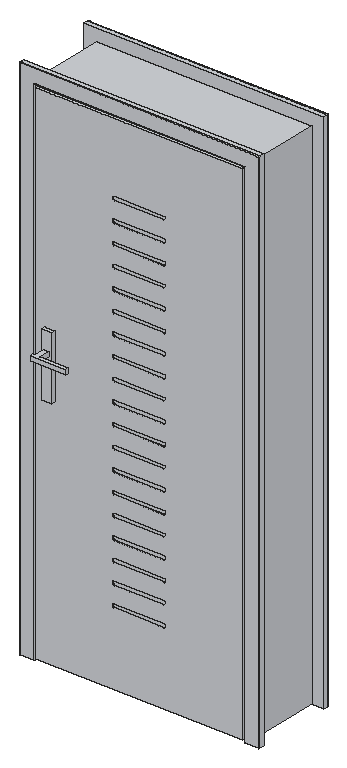
Revit family "PortaFOCUSbp_1B", category Drzwi, Revit 2016
Family settings
  Obiekt nadrzędny = Ściana
  Zawsze pionowo = Tak
  Tnij formami wycięć po wczytaniu = Nie
  Współdzielony = Nie
  Punkt obliczania pomieszczeń = Nie
Parameters (values of type "PN 80")
  Zakres szerokości muru [instance] = if(and(Szerokość ściany > 94 mm, Szerokość ściany < 120 mm), "B", (if(and(Szerokość ściany > 119 mm, Szerokość ściany < 140 mm), "C", (if(and(Szerokość ściany > 139 mm, Szerokość ściany < 160 mm), "D", (if(and(Szerokość ściany > 159 mm, Szerokość ściany < 180 mm), "E", (if(and(Szerokość ściany > 179 mm, Szerokość ściany < 200 mm), "F", (if(and(Szerokość ściany > 199 mm, Szerokość ściany < 220 mm), "G", (if(and(Szerokość ściany > 219 mm, Szerokość ściany < 240 mm), "H", (if(and(Szerokość ściany > 239 mm, Szerokość ściany < 260 mm), "I", (if(and(Szerokość ściany > 259 mm, Szerokość ściany < 280 mm), "J", (if(and(Szerokość ściany > 279 mm, Szerokość ściany < 301 mm), "K", "BRAK")))))))))))))))))))  # "K"
  Wysokość brutto = 2060 mm
  Szerokość ściany [instance] = 300 mm
  Szerokość brutto = 880 mm
  Model = "Porta Focus 1B"
  Konstrukcja analityczna = "<Brak>"
  Funkcja = Wewnętrzna
  URL = "www.porta.com.pl"
  Ss = 818 mm
  Sb = 846 mm
  Producent = "PORTA KMI POLAND"
  Keynote = ""
  Opis = "Własność Porta KMI Poland, wszelkie prawa zastrzeżone."  # constant formula
  Wysokość = 2016 mm
  Zakończenie ściany = Wg obiektu nadrzędnego
  Szerokość = 800 mm
  Materiał_skrzydło [instance] = none
  Materiał_ościeżnica [instance] = none
  Materiał_klamka [instance] = none
  Hs = 2017 mm
Types (5, lengths in mm): name | Szerokość brutto | Ss | Sb | Szerokość
  PN 70 | 780 | 718 | 746 | 700
  PN 60 | 680 | 618 | 646 | 600
  PN 80 | 880 | 818 | 846 | 800
  PN 90 | 980 | 918 | 946 | 900
  PN 100 | 1080 | 1018 | 1046 | 1000
Reference planes
  plane 1: y = 0
  plane 2 "Środek (Lewa/Prawa)": x = 0
  plane 3 "Lewy": x = -440
  plane 4 "Prawy": x = 440
  plane 5: z = 2060
  plane 6 "Zewnętrzna": y = 150
  plane 7 "Wewnętrzna": y = -150
  plane 8 "skrzydło": y = -129
Forms (mm)
  Sweep 1, solid, material <- "Materiał_ościeżnica"
    path in 3D
      loop
        line (-440, -150, 0) -> (-440, -150, 2060) -> (440, -150, 2060) -> (440, -150, 0)
    profile origin (-440, -150, 1030) x (0, -1, 0) y (1, 0, 0)
      loop
        line (-24, 39) -> (-72, 39) -> (-72, 17) -> (0, 17) -> (0, -33) -> (16, -33)
        arc (16, -33) -> (18.121, -32.121) -> (19, -30) r 3
        line (19, -30) -> (19, 24)
        arc (19, 24) -> (18.121, 26.121) -> (16, 27) r 3
        line (16, 27) -> (-24, 27) -> (-24, 39)
  Sweep 2, solid, material <- "Materiał_ościeżnica"
    path in 3D
      loop
        line (440, 150, 0) -> (440, 150, 2060) -> (-440, 150, 2060) -> (-440, 150, 0)
    profile origin (-440, 150, 1030) x (1, 0, 0) y (0, 1, 0)
      loop
        line (-33, 0) -> (17, 0) -> (17, -228) -> (39, -228) -> (39, -1)
        arc (39, -1) -> (37.536, 2.536) -> (34, 4) r 5
        line (34, 4) -> (25, 4) -> (25, 16)
        arc (25, 16) -> (24.121, 18.121) -> (22, 19) r 3
        line (22, 19) -> (-30, 19)
        arc (-30, 19) -> (-32.121, 18.121) -> (-33, 16) r 3
        line (-33, 16) -> (-33, 0)
  Sweep 3, solid, not visible
    path in 3D
      loop
        line (-440, -150, 0) -> (-440, -150, 2060)
    profile origin (-440, -150, 1030) x (0, -1, 0) y (1, 0, 0)
      loop
        line (-151, 17) -> (-149, 17) -> (-149, 19) -> (-151, 19) -> (-151, 17)
Cuts and joins
  joined: Sweep 1, Sweep 2
Lines and regions (mm)
  Opening 1
    outline origin (-3050, -150, 0) x (1, 0, 0) y (0, 0, 1)
      loop
        line (2610, 0) -> (3490, 0) -> (3490, 2060) -> (2610, 2060) -> (2610, 0)
  sketch lines
    curve 1: line (-440, -150, 0) -> (-440, -150, 2060)
    curve 2: line (-440, -150, 2060) -> (440, -150, 2060)
    curve 3: line (440, -150, 2060) -> (440, -150, 0)
    curve 4: line (-440, 150, 2060) -> (-440, 150, 0)
    curve 5: line (440, 150, 2060) -> (-440, 150, 2060)
    curve 6: line (440, 150, 0) -> (440, 150, 2060)
    curve 12: line (-440, -150, 0) -> (-440, -150, 2060)
  symbolic lines, style "DoorsPanelProjection"
    curve 7: line (409, -150, 0) -> (409, -968, 0)
    curve 8: line (409, -968, 0) -> (369, -968, 0)
    curve 9: line (369, -968, 0) -> (369, -150, 0)
    curve 10: line (369, -150, 0) -> (409, -150, 0)
  symbolic lines, style "Ugięcie rzutu"
    curve 11: arc (-409, -150, 0) -> (-169.413, -728.413, 0) -> (409, -968, 0) r 818
Text (mm)
  text "Zewnętrzna" at (-2295.016, 1099.543, 0), in view "Poziom odniesienia"
  text "Zewnętrzna" at (0, 1615.38, 3698.081), in view "Lewy"
  text "Zewnętrzna" at (0, 1036.032, 3874.932), in view "Prawy"
Dimensions and locks
  equal spacing: plane 3 "Lewy", plane 2 "Środek (Lewa/Prawa)", plane 4 "Prawy"
  "Szerokość brutto": plane 3 "Lewy" to plane 4 "Prawy"
  "Wysokość brutto": plane 5 to host wall
  host wall to plane 5 = 2060 mm  (x2)
  locked: plane 6 "Zewnętrzna" to host wall at 0
  locked: plane 7 "Wewnętrzna" to host wall
  "Sb": Sweep 1 to Sweep 1
  locked: Sweep 1 sketch curve to Sweep 1 sketch curve at 22
  Sweep 1 sketch curve to Sweep 1 sketch curve = 50 mm
  locked: Sweep 1 sketch curve to profile plane at 72
  locked: Sweep 2 sketch curve to Sweep 2 sketch curve at 50
  locked: Sweep 2 sketch curve to Sweep 2 sketch curve at 22
  locked: Sweep 2 sketch curve to plane 6 "Zewnętrzna" at 1
  locked: curve 9 to curve 7 at 40
  "Ss": curve 8 to curve 10
  equal spacing: curve 11, plane 2 "Środek (Lewa/Prawa)", curve 7
  locked: plane 7 "Wewnętrzna" to plane 8 "skrzydło" at 21
  locked: host wall to Sweep 3 sketch curve at 1
  locked: Sweep 3 sketch curve to host wall at 1
  locked: Sweep 3 sketch curve to plane 6 "Zewnętrzna" at 151
  locked: plane 7 "Wewnętrzna" to Sweep 3 sketch curve at 151
  nested 1 to plane 2 "Środek (Lewa/Prawa)" to nested 1 = 409 mm, 409 mm
  locked: nested 1 to level at 8
  "Szerokość ściany": host wall to host wall
  aligned and locked: plane 3 "Lewy" to Opening 1 sketch curve
  aligned and locked: plane 5 to Opening 1 sketch curve  (x2)
  aligned and locked: Opening 1 sketch curve to plane 4 "Prawy"
  aligned and locked: Opening 1 sketch curve to level
  aligned and locked: plane 1 to host wall
  aligned and locked: Sweep 1 to Sweep 2 sketch curve
  aligned and locked: plane 7 "Wewnętrzna" to curve 10
  aligned and locked: Sweep 3 sketch curve to cut or joined group of Sweep 1, Sweep 2
  aligned and locked: Sweep 2 sketch curve to cut or joined group of Sweep 1, Sweep 2
  aligned and locked: nested 1 to plane 8 "skrzydło"
  aligned and locked: plane 2 "Środek (Lewa/Prawa)" to nested 1
Automatic sketch dimensions
  profile plane to Sweep 1 sketch curve = 24 mm
  Sweep 1 sketch curve to profile plane = 16 mm  (x2)
  Sweep 1 sketch curve to Sweep 1 sketch curve = 3 mm
  profile plane to Sweep 1 sketch curve = 17 mm
  Sweep 1 sketch curve to Sweep 1 sketch curve = 7 mm
  Sweep 1 sketch curve to profile plane = 0 mm
  Sweep 2 sketch curve to profile plane = 0 mm
  Sweep 2 sketch curve to profile plane = 16 mm
  Sweep 2 sketch curve to Sweep 2 sketch curve = 3 mm
  Sweep 2 sketch curve to Sweep 2 sketch curve = 5 mm
  Sweep 2 sketch curve to profile plane = 4 mm
  Sweep 2 sketch curve to Sweep 2 sketch curve = 8 mm
  curve 11 to host wall = 0 mm
  Sweep 3 sketch curve to Sweep 3 sketch curve = 2 mm
Nested families
  nested 1: "skrzydło" at (0, -135.5, 0), Materiał_klamka <- "Materiał_klamka", Materiał_skrzydło <- "Materiał_skrzydło", type "skrzydło"
    with Materiał_skrzydło none, Materiał_klamka none
Definition of nested family "skrzydło"
  Parameters
    Ss = 818 mm
    Materiał_skrzydło [instance] = none
    Materiał_klamka [instance] = none
    Hs = 2017 mm
  Reference planes
    plane 1 "Tył": y = 6.5
    plane 2: z = 0
    plane 3 "Środek (Lewa/Prawa)": x = 0
    plane 4 "Przód": y = -33.5
    plane 5: z = 2025
    plane 6 "Centrum": y = -13.5
    plane 7: z = 8
    plane 8: x = -409
    plane 9: x = 409
  Forms (mm)
    Extrusion 1, solid, material <- "Materiał_skrzydło"
      sketch origin (-1191.728, -1524, 8) x (-1, 0, 0) y (0, -1, 0)
        loop
          line (-1600.728, -1490.5) -> (-1600.728, -1530.5) -> (-782.728, -1530.5) -> (-782.728, -1490.5) -> (-1600.728, -1490.5)
      from 0 to 2017
    Extrusion 2, void
      sketch origin (-2050.117, -33.5, 1200) x (1, 0, 0) y (0, 0, 1)
        loop
          arc (2147.317, 534.7) -> (2155.617, 543) -> (2147.317, 551.3) r 8.3
          line (2147.317, 551.3) -> (1952.917, 551.3)
          arc (1952.917, 551.3) -> (1944.617, 543) -> (1952.917, 534.7) r 8.3
          line (1952.917, 534.7) -> (2147.317, 534.7)
        loop
          arc (2147.317, 454.7) -> (2155.617, 463) -> (2147.317, 471.3) r 8.3
          line (2147.317, 471.3) -> (1952.917, 471.3)
          arc (1952.917, 471.3) -> (1944.617, 463) -> (1952.917, 454.7) r 8.3
          line (1952.917, 454.7) -> (2147.317, 454.7)
        loop
          arc (2147.317, 374.7) -> (2155.617, 383) -> (2147.317, 391.3) r 8.3
          line (2147.317, 391.3) -> (1952.917, 391.3)
          arc (1952.917, 391.3) -> (1944.617, 383) -> (1952.917, 374.7) r 8.3
          line (1952.917, 374.7) -> (2147.317, 374.7)
        loop
          arc (2147.317, 294.7) -> (2155.617, 303) -> (2147.317, 311.3) r 8.3
          line (2147.317, 311.3) -> (1952.917, 311.3)
          arc (1952.917, 311.3) -> (1944.617, 303) -> (1952.917, 294.7) r 8.3
          line (1952.917, 294.7) -> (2147.317, 294.7)
        loop
          arc (2147.317, 214.7) -> (2155.617, 223) -> (2147.317, 231.3) r 8.3
          line (2147.317, 231.3) -> (1952.917, 231.3)
          arc (1952.917, 231.3) -> (1944.617, 223) -> (1952.917, 214.7) r 8.3
          line (1952.917, 214.7) -> (2147.317, 214.7)
        loop
          arc (2147.317, 135.172) -> (2155.617, 143.472) -> (2147.317, 151.772) r 8.3
          line (2147.317, 151.772) -> (1952.917, 151.772)
          arc (1952.917, 151.772) -> (1944.617, 143.472) -> (1952.917, 135.172) r 8.3
          line (1952.917, 135.172) -> (2147.317, 135.172)
        loop
          arc (2147.317, -24.828) -> (2155.617, -16.528) -> (2147.317, -8.228) r 8.3
          line (2147.317, -8.228) -> (1952.917, -8.228)
          arc (1952.917, -8.228) -> (1944.617, -16.528) -> (1952.917, -24.828) r 8.3
          line (1952.917, -24.828) -> (2147.317, -24.828)
        loop
          arc (2147.317, -104.828) -> (2155.617, -96.528) -> (2147.317, -88.228) r 8.3
          line (2147.317, -88.228) -> (1952.917, -88.228)
          arc (1952.917, -88.228) -> (1944.617, -96.528) -> (1952.917, -104.828) r 8.3
          line (1952.917, -104.828) -> (2147.317, -104.828)
        loop
          arc (2147.317, -184.828) -> (2155.617, -176.528) -> (2147.317, -168.228) r 8.3
          line (2147.317, -168.228) -> (1952.917, -168.228)
          arc (1952.917, -168.228) -> (1944.617, -176.528) -> (1952.917, -184.828) r 8.3
          line (1952.917, -184.828) -> (2147.317, -184.828)
        loop
          arc (2147.317, -264.828) -> (2155.617, -256.528) -> (2147.317, -248.228) r 8.3
          line (2147.317, -248.228) -> (1952.917, -248.228)
          arc (1952.917, -248.228) -> (1944.617, -256.528) -> (1952.917, -264.828) r 8.3
          line (1952.917, -264.828) -> (2147.317, -264.828)
        loop
          arc (2147.317, 55.172) -> (2155.617, 63.472) -> (2147.317, 71.772) r 8.3
          line (2147.317, 71.772) -> (1952.917, 71.772)
          arc (1952.917, 71.772) -> (1944.617, 63.472) -> (1952.917, 55.172) r 8.3
          line (1952.917, 55.172) -> (2147.317, 55.172)
        loop
          arc (2147.317, -344.828) -> (2155.617, -336.528) -> (2147.317, -328.228) r 8.3
          line (2147.317, -328.228) -> (1952.917, -328.228)
          arc (1952.917, -328.228) -> (1944.617, -336.528) -> (1952.917, -344.828) r 8.3
          line (1952.917, -344.828) -> (2147.317, -344.828)
        loop
          arc (2147.317, -424.828) -> (2155.617, -416.528) -> (2147.317, -408.228) r 8.3
          line (2147.317, -408.228) -> (1952.917, -408.228)
          arc (1952.917, -408.228) -> (1944.617, -416.528) -> (1952.917, -424.828) r 8.3
          line (1952.917, -424.828) -> (2147.317, -424.828)
        loop
          arc (2147.317, -504.828) -> (2155.617, -496.528) -> (2147.317, -488.228) r 8.3
          line (2147.317, -488.228) -> (1952.917, -488.228)
          arc (1952.917, -488.228) -> (1944.617, -496.528) -> (1952.917, -504.828) r 8.3
          line (1952.917, -504.828) -> (2147.317, -504.828)
        loop
          arc (2147.317, -584.828) -> (2155.617, -576.528) -> (2147.317, -568.228) r 8.3
          line (2147.317, -568.228) -> (1952.917, -568.228)
          arc (1952.917, -568.228) -> (1944.617, -576.528) -> (1952.917, -584.828) r 8.3
          line (1952.917, -584.828) -> (2147.317, -584.828)
        loop
          arc (2147.317, -824.828) -> (2155.617, -816.528) -> (2147.317, -808.228) r 8.3
          line (2147.317, -808.228) -> (1952.917, -808.228)
          arc (1952.917, -808.228) -> (1944.617, -816.528) -> (1952.917, -824.828) r 8.3
          line (1952.917, -824.828) -> (2147.317, -824.828)
        loop
          arc (2147.317, -744.828) -> (2155.617, -736.528) -> (2147.317, -728.228) r 8.3
          line (2147.317, -728.228) -> (1952.917, -728.228)
          arc (1952.917, -728.228) -> (1944.617, -736.528) -> (1952.917, -744.828) r 8.3
          line (1952.917, -744.828) -> (2147.317, -744.828)
        loop
          arc (2147.317, -904.828) -> (2155.617, -896.528) -> (2147.317, -888.228) r 8.3
          line (2147.317, -888.228) -> (1952.917, -888.228)
          arc (1952.917, -888.228) -> (1944.617, -896.528) -> (1952.917, -904.828) r 8.3
          line (1952.917, -904.828) -> (2147.317, -904.828)
        loop
          arc (2147.317, -664.828) -> (2155.617, -656.528) -> (2147.317, -648.228) r 8.3
          line (2147.317, -648.228) -> (1952.917, -648.228)
          arc (1952.917, -648.228) -> (1944.617, -656.528) -> (1952.917, -664.828) r 8.3
          line (1952.917, -664.828) -> (2147.317, -664.828)
      from -1 to 10
    Extrusion 3, void
      sketch origin (-2050.117, 6.5, 1200) x (1, 0, 0) y (0, 0, -1)
        loop
          line (2147.317, -534.7) -> (1952.917, -534.7)
          arc (1952.917, -534.7) -> (1944.617, -543) -> (1952.917, -551.3) r 8.3
          line (1952.917, -551.3) -> (2147.317, -551.3)
          arc (2147.317, -551.3) -> (2155.617, -543) -> (2147.317, -534.7) r 8.3
        loop
          line (2147.317, -454.7) -> (1952.917, -454.7)
          arc (1952.917, -454.7) -> (1944.617, -463) -> (1952.917, -471.3) r 8.3
          line (1952.917, -471.3) -> (2147.317, -471.3)
          arc (2147.317, -471.3) -> (2155.617, -463) -> (2147.317, -454.7) r 8.3
        loop
          line (2147.317, -374.7) -> (1952.917, -374.7)
          arc (1952.917, -374.7) -> (1944.617, -383) -> (1952.917, -391.3) r 8.3
          line (1952.917, -391.3) -> (2147.317, -391.3)
          arc (2147.317, -391.3) -> (2155.617, -383) -> (2147.317, -374.7) r 8.3
        loop
          line (2147.317, -294.7) -> (1952.917, -294.7)
          arc (1952.917, -294.7) -> (1944.617, -303) -> (1952.917, -311.3) r 8.3
          line (1952.917, -311.3) -> (2147.317, -311.3)
          arc (2147.317, -311.3) -> (2155.617, -303) -> (2147.317, -294.7) r 8.3
        loop
          line (2147.317, -214.7) -> (1952.917, -214.7)
          arc (1952.917, -214.7) -> (1944.617, -223) -> (1952.917, -231.3) r 8.3
          line (1952.917, -231.3) -> (2147.317, -231.3)
          arc (2147.317, -231.3) -> (2155.617, -223) -> (2147.317, -214.7) r 8.3
        loop
          line (2147.317, -135.172) -> (1952.917, -135.172)
          arc (1952.917, -135.172) -> (1944.617, -143.472) -> (1952.917, -151.772) r 8.3
          line (1952.917, -151.772) -> (2147.317, -151.772)
          arc (2147.317, -151.772) -> (2155.617, -143.472) -> (2147.317, -135.172) r 8.3
        loop
          line (2147.317, 24.828) -> (1952.917, 24.828)
          arc (1952.917, 24.828) -> (1944.617, 16.528) -> (1952.917, 8.228) r 8.3
          line (1952.917, 8.228) -> (2147.317, 8.228)
          arc (2147.317, 8.228) -> (2155.617, 16.528) -> (2147.317, 24.828) r 8.3
        loop
          line (2147.317, 104.828) -> (1952.917, 104.828)
          arc (1952.917, 104.828) -> (1944.617, 96.528) -> (1952.917, 88.228) r 8.3
          line (1952.917, 88.228) -> (2147.317, 88.228)
          arc (2147.317, 88.228) -> (2155.617, 96.528) -> (2147.317, 104.828) r 8.3
        loop
          line (2147.317, 184.828) -> (1952.917, 184.828)
          arc (1952.917, 184.828) -> (1944.617, 176.528) -> (1952.917, 168.228) r 8.3
          line (1952.917, 168.228) -> (2147.317, 168.228)
          arc (2147.317, 168.228) -> (2155.617, 176.528) -> (2147.317, 184.828) r 8.3
        loop
          line (2147.317, 264.828) -> (1952.917, 264.828)
          arc (1952.917, 264.828) -> (1944.617, 256.528) -> (1952.917, 248.228) r 8.3
          line (1952.917, 248.228) -> (2147.317, 248.228)
          arc (2147.317, 248.228) -> (2155.617, 256.528) -> (2147.317, 264.828) r 8.3
        loop
          line (2147.317, -55.172) -> (1952.917, -55.172)
          arc (1952.917, -55.172) -> (1944.617, -63.472) -> (1952.917, -71.772) r 8.3
          line (1952.917, -71.772) -> (2147.317, -71.772)
          arc (2147.317, -71.772) -> (2155.617, -63.472) -> (2147.317, -55.172) r 8.3
        loop
          line (2147.317, 344.828) -> (1952.917, 344.828)
          arc (1952.917, 344.828) -> (1944.617, 336.528) -> (1952.917, 328.228) r 8.3
          line (1952.917, 328.228) -> (2147.317, 328.228)
          arc (2147.317, 328.228) -> (2155.617, 336.528) -> (2147.317, 344.828) r 8.3
        loop
          line (2147.317, 424.828) -> (1952.917, 424.828)
          arc (1952.917, 424.828) -> (1944.617, 416.528) -> (1952.917, 408.228) r 8.3
          line (1952.917, 408.228) -> (2147.317, 408.228)
          arc (2147.317, 408.228) -> (2155.617, 416.528) -> (2147.317, 424.828) r 8.3
        loop
          line (2147.317, 504.828) -> (1952.917, 504.828)
          arc (1952.917, 504.828) -> (1944.617, 496.528) -> (1952.917, 488.228) r 8.3
          line (1952.917, 488.228) -> (2147.317, 488.228)
          arc (2147.317, 488.228) -> (2155.617, 496.528) -> (2147.317, 504.828) r 8.3
        loop
          line (2147.317, 584.828) -> (1952.917, 584.828)
          arc (1952.917, 584.828) -> (1944.617, 576.528) -> (1952.917, 568.228) r 8.3
          line (1952.917, 568.228) -> (2147.317, 568.228)
          arc (2147.317, 568.228) -> (2155.617, 576.528) -> (2147.317, 584.828) r 8.3
        loop
          line (2147.317, 824.828) -> (1952.917, 824.828)
          arc (1952.917, 824.828) -> (1944.617, 816.528) -> (1952.917, 808.228) r 8.3
          line (1952.917, 808.228) -> (2147.317, 808.228)
          arc (2147.317, 808.228) -> (2155.617, 816.528) -> (2147.317, 824.828) r 8.3
        loop
          line (2147.317, 744.828) -> (1952.917, 744.828)
          arc (1952.917, 744.828) -> (1944.617, 736.528) -> (1952.917, 728.228) r 8.3
          line (1952.917, 728.228) -> (2147.317, 728.228)
          arc (2147.317, 728.228) -> (2155.617, 736.528) -> (2147.317, 744.828) r 8.3
        loop
          line (2147.317, 904.828) -> (1952.917, 904.828)
          arc (1952.917, 904.828) -> (1944.617, 896.528) -> (1952.917, 888.228) r 8.3
          line (1952.917, 888.228) -> (2147.317, 888.228)
          arc (2147.317, 888.228) -> (2155.617, 896.528) -> (2147.317, 904.828) r 8.3
        loop
          line (2147.317, 664.828) -> (1952.917, 664.828)
          arc (1952.917, 664.828) -> (1944.617, 656.528) -> (1952.917, 648.228) r 8.3
          line (1952.917, 648.228) -> (2147.317, 648.228)
          arc (2147.317, 648.228) -> (2155.617, 656.528) -> (2147.317, 664.828) r 8.3
      from -1 to 10
  Cuts and joins
    Extrusion 2, Extrusion 3 cuts Extrusion 1
  Dimensions and locks
    locked: plane 7 to level at 8
    "Hs": plane 5 to plane 7
    locked: nested 1 to plane 7 at 934
    locked: plane 7 to nested 2 at 934
    equal spacing: plane 4 "Przód", plane 6 "Centrum", plane 1 "Tył"
    equal spacing: plane 8, plane 3 "Środek (Lewa/Prawa)", plane 9
    "Ss": plane 8 to plane 9
    locked: plane 8 to nested 1 at 55
    locked: plane 8 to nested 2 at 55
    aligned and locked: nested 1 to plane 4 "Przód"
    aligned and locked: plane 5 to Extrusion 1
    aligned and locked: nested 2 to nested 1
    aligned and locked: Extrusion 1 sketch curve to plane 8
    aligned and locked: Extrusion 1 sketch curve to plane 9
  Automatic sketch dimensions
    plane 1 "Tył" to Extrusion 1 sketch curve = 0 mm
    Extrusion 1 sketch curve to plane 4 "Przód" = 0 mm
    Extrusion 2 sketch curve to plane 3 "Środek (Lewa/Prawa)" = 97.2 mm  (x3)
    Extrusion 2 sketch curve to Extrusion 2 sketch curve = 0 mm  (x31)
    plane 3 "Środek (Lewa/Prawa)" to Extrusion 2 sketch curve = 97.2 mm  (x4)
    plane 7 to Extrusion 2 sketch curve = 287.172 mm
    Extrusion 2 sketch curve to Extrusion 2 sketch curve = 8.3 mm  (x19)
    Extrusion 2 sketch curve to Extrusion 2 sketch curve = 63.4 mm  (x17)
    Extrusion 2 sketch curve to Extrusion 2 sketch curve = 62.928 mm
    Extrusion 3 sketch curve to plane 3 "Środek (Lewa/Prawa)" = 97.2 mm  (x3)
    Extrusion 3 sketch curve to Extrusion 3 sketch curve = 0 mm  (x31)
    plane 3 "Środek (Lewa/Prawa)" to Extrusion 3 sketch curve = 97.2 mm  (x4)
    Extrusion 3 sketch curve to plane 5 = 273.7 mm
    Extrusion 3 sketch curve to Extrusion 3 sketch curve = 8.3 mm  (x19)
    Extrusion 3 sketch curve to Extrusion 3 sketch curve = 63.4 mm  (x17)
    Extrusion 3 sketch curve to Extrusion 3 sketch curve = 62.928 mm
  Nested families
    nested 1: "KLAMKA" at (-354, -33.5, 1067), Materiał klamki <- "Materiał_klamka", type "KLAMKA"
      with Materiał klamki none
    nested 2: "KLAMKA" at (-354, 6.5, 1067), Materiał klamki <- "Materiał_klamka", type "KLAMKA"
      with Materiał klamki none
  Definition of nested family "KLAMKA"
    Parameters
      Materiał klamki [instance] = none
      Assembly Code = ""
      Default Elevation = 1219.2 mm
    Reference planes
      plane 1 "Center (Front/Back)": y = 0
      plane 2: z = 0
      plane 3 "Center (Left/Right)": x = 0
      plane 4: z = 125
      plane 5: z = -125
      plane 6: x = 20
      plane 7: x = -20
      plane 8: y = -70
      plane 9: y = -60
      plane 10: x = 10
      plane 11: x = -10
      plane 12: x = 120
      plane 13: z = 35
      plane 14: z = 55
      plane 15: y = -15
    Forms (mm)
      Extrusion 1, solid, material <- "Materiał klamki"
        sketch origin (0, 0, 0) x (1, 0, 0) y (0, 0, 1)
          loop
            line (-20, 125) -> (-20, -125) -> (20, -125) -> (20, 125) -> (-20, 125)
        from 0 to 15
      Extrusion 2, solid, material <- "Materiał klamki"
        sketch origin (0, 0, 0) x (1, 0, 0) y (0, 1, 0)
          loop
            line (-10, -15) -> (-10, -60) -> (-20, -60) -> (-20, -70) -> (120, -70) -> (120, -60) -> (10, -60) -> (10, -15) -> (-10, -15)
        from 35 to 55
    Dimensions and locks
      equal spacing: plane 4, plane 2, plane 5
      plane 4 to plane 5 = 250 mm
      equal spacing: plane 7, plane 3 "Center (Left/Right)", plane 6
      plane 7 to plane 6 = 40 mm
      plane 8 to plane 1 "Center (Front/Back)" = 70 mm
      plane 11 to plane 3 "Center (Left/Right)" to plane 10 = 10 mm locked, 10 mm locked
      plane 7 to plane 12 = 140 mm
      plane 15 to plane 1 "Center (Front/Back)" = 15 mm
      aligned and locked: plane 7 to Extrusion 1 sketch curve
      aligned and locked: Extrusion 1 sketch curve to plane 4
      aligned and locked: plane 5 to Extrusion 1 sketch curve
      aligned and locked: Extrusion 1 sketch curve to plane 6
      aligned and locked: plane 15 to Extrusion 1
      aligned and locked: Extrusion 1 to plane 1 "Center (Front/Back)"
      aligned and locked: plane 14 to Extrusion 2
      aligned and locked: Extrusion 2 to plane 13
    Automatic sketch dimensions
      Extrusion 2 sketch curve to plane 7 = 0 mm
      Extrusion 2 sketch curve to plane 9 = 0 mm  (x2)
      Extrusion 2 sketch curve to plane 11 = 0 mm
      Extrusion 2 sketch curve to plane 10 = 0 mm
      Extrusion 2 sketch curve to plane 12 = 0 mm
      Extrusion 2 sketch curve to plane 8 = 0 mm
      Extrusion 2 sketch curve to plane 15 = 0 mm
